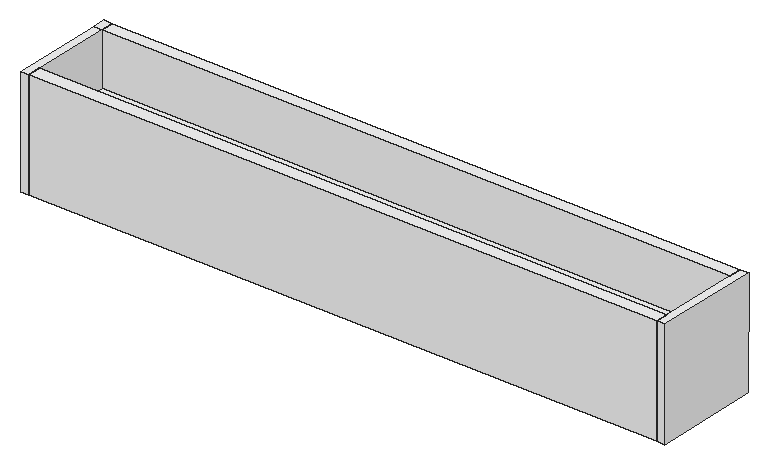
Revit family "75L-S-D", category Lighting Fixtures, host Face, Revit 2021
Family settings
  Host = Face
  Round Connector Dimension = Use Diameter
  Part Type = Normal
  OmniClass Number = 23.80.70.14.21
  OmniClass Title = Street and Roadway Lighting
  Cut with Voids When Loaded = No
  Light Source = Yes
  Shared = Yes
  Room Calculation Point = No
Parameters (values of type "75L-S-D-02")
  zz Length 1 = 24.000"
  Width = 4.000"  # constant formula
  Watts = 25 W
  Wattage Comments = ""
  Wattage = 106.5 W
  built-in parameter 1150110 = 1 (stored number, unit not read)
  Voltage = 120 V
  URL = "https://www.currentlighting.com/litecontrol"
  Type Comments = "Lighting Fixtures"  # constant formula
  built-in parameter 1114217 = 1 (stored number, unit not read)
  Tilt Angle = -90.00°  # constant formula
  built-in parameter 1150109 = 1 (stored number, unit not read)
  built-in parameter 1150134 = (empty or 0)
  built-in parameter 1150113 = 1 (stored number, unit not read)
  Product Page URL = ""
  Product Material = White
  Product Documentation Link = ""
  Power Factor = 1
  Photometric Web Link = ""
  Photometric Web File = "75L-X-D-4-CX-35K-D030-ECC.ies"
  Photometric Note = "More Photometric Web Files dowload in the Web link"  # constant formula
  Model = "Nelo 75L"  # constant formula
  Manufacturer = "LITECONTROL"  # constant formula
  built-in parameter 1150105 = -5126353.4 (stored number, unit not read)
  Lumens = 12247.5 lm
  built-in parameter 1150115 = 1 (stored number, unit not read)
  Load Classification = Lighting
  built-in parameter 1150137 = (empty or 0)
  built-in parameter 1150139 = (empty or 0)
  built-in parameter 1150112 = 1 (stored number, unit not read)
  built-in parameter 1150114 = 1 (stored number, unit not read)
  Lamp = "LED"  # constant formula
  built-in parameter 1150132 = (empty or 0)
  built-in parameter 1150102 = (empty or 0)
  built-in parameter 1150107 = 3107 (stored number, unit not read)
  built-in parameter 1150138 = (empty or 0)
  built-in parameter 1150106 = -51263.5 (stored number, unit not read)
  Glass = Glass -  White
  Features = " Variable Intensity technology provides a range of specifiable outputs and \r\nresulting fixture wattages\r\n•  1200 lumens max. See performance data table on page 4 for additional \r\ninformation\r\n•  80 & 90 CRI (30, 35, 40K); Warm Dim (30-22K), Tunable White (27-65K & 27-50K)"  # constant formula
  Emit from Line Length = zz Length 1 - 1.000"  # 23.000"
  built-in parameter 1150104 = 10.684 (stored number, unit not read)
  Dimming Lamp Color Temperature Shift = <None>
  Description = "Open Aperture Recessed Direct"  # constant formula
  Default Elevation = 48.000"
  Cord Length = 10.000"
  Contact Us = ""
  Color Filter = 16777215
  built-in parameter 1114218 = 1 (stored number, unit not read)
  built-in parameter 1150133 = 10 (stored number, unit not read)
  Assembly Code = "D5020200"
  Apparent Load = Watts / Power Factor  # 25 VA
Types (7): name | zz Length 1 | Emit from Line Length
  (no name) | 24.000" | 23.000"
  75L-S-D-02 | 24.000" | 23.000"
  75L-S-D-03 | 36.000" | 35.000"
  75L-S-D-04 | 48.000" | 47.000"
  75L-S-D-05 | 60.000" | 59.000"
  75L-S-D-06 | 72.000" | 71.000"
  75L-S-D-08 | 96.000" | 95.000"
Reference planes (in)
  plane 1 "Center (Front/Back)": y = 0
  plane 2: z = 0
  plane 3 "Center (Left/Right)": x = 0
  plane 4: x = 12
  plane 5: x = -12
  plane 6: y = -2
  plane 7: y = 2
  plane 8: z = 10
  plane 9: z = 11.25
  plane 10: z = 15.25
  plane 11: x = 12.313
  plane 12: x = -12.313
  plane 13: x = -11
  plane 14: x = 11
  plane 15: z = 4.125
Forms (in)
  Extrusion 1, solid, material "White" <- "Product Material"
    sketch origin (0, 0, -11.25) x (0, 1, 0) y (0, 0, 1)
      loop
        line (2, 15.375) -> (1.5, 15.375) -> (1.5, 13.375) -> (-1.5, 13.375) -> (-1.5, 15.375) -> (-2, 15.375) -> (-2, 11.25) -> (2, 11.25) -> (2, 15.375)
    from -12 to 12
  Extrusion 2, solid, material "White" <- "Product Material"
    sketch origin (0, 0, -11.25) x (0, 1, 0) y (0, 0, 1)
      loop
        line (-2, 15.375) -> (-2, 11.25) -> (2, 11.25) -> (2, 15.375) -> (-2, 15.375)
    from 12 to 12.313
  Extrusion 3, solid, material "White" <- "Product Material"
    sketch origin (0, 0, -11.25) x (0, 1, 0) y (0, 0, -1)
      loop
        line (-2, -15.375) -> (1.5, -15.375) -> (2, -15.375) -> (2, -11.25) -> (-2, -11.25) -> (-2, -15.375)
    from 12 to 12.313
Dimensions and locks (in)
  "zz Length 1": plane 4 to plane 5
  equal spacing: plane 4, plane 3 "Center (Left/Right)", plane 5
  "Cord Length": plane 8 to plane 2
  plane 9 to plane 8 = 1.250"
  plane 10 to plane 9 = 4.000"
  locked: plane 4 to plane 14 at 1
  locked: plane 11 to plane 4 at 0.313
  locked: plane 13 to plane 5 at 1
  locked: plane 5 to plane 12 at 0.313
  "Width": plane 7 to plane 6
  equal spacing: plane 7, plane 1 "Center (Front/Back)", plane 6
  aligned and locked: plane 2 to host face
  aligned and locked: level to host face
  aligned and locked: Extrusion 1 to plane 5
  aligned and locked: plane 4 to Extrusion 1
  aligned and locked: plane 11 to Extrusion 2
  aligned and locked: Extrusion 2 to plane 4
  aligned and locked: Extrusion 3 to plane 12
  aligned and locked: plane 5 to Extrusion 3
Automatic sketch dimensions
  host sketch curve to host sketch curve = 96.000"  (x2)
  Extrusion 2 sketch curve to plane 6 = 0.000"
  Extrusion 2 sketch curve to plane 7 = 0.000"
  Extrusion 2 sketch curve to plane 9 = 11.250"
  Extrusion 1 sketch curve to plane 6 = 0.000"
  Extrusion 1 sketch curve to plane 10 = 11.125"  (x2)
  Extrusion 1 sketch curve to plane 7 = 0.000"
  Extrusion 1 sketch curve to plane 9 = 11.250"
  Extrusion 1 sketch curve to plane 6 = 0.500"
  Extrusion 1 sketch curve to plane 9 = 9.125"
  Extrusion 1 sketch curve to Extrusion 1 sketch curve = 0.500"
  Extrusion 2 sketch curve to plane 10 = 11.125"
  Extrusion 3 sketch curve to plane 6 = 0.000"
  Extrusion 3 sketch curve to plane 10 = 11.125"
  Extrusion 3 sketch curve to plane 7 = 0.000"
  Extrusion 3 sketch curve to plane 9 = 11.250"
  Extrusion 3 sketch curve to Extrusion 3 sketch curve = 0.500"
Connectors (in)
  electrical at (0, 0, 0), driven by "Apparent Load", driven by "Voltage"
    settings: on Extrusion 1, index 1, voltage 120 V, apparent load 25 VA, apparent load phase1 0 VA, apparent load phase2 0 VA, apparent load phase3 0 VA, power factor 1, load classification "Other", number of poles 1, system type 30, power factor state 1, is connector primary yes, connector utility no, sub classification motor no, connector description "Lighting Connector"
